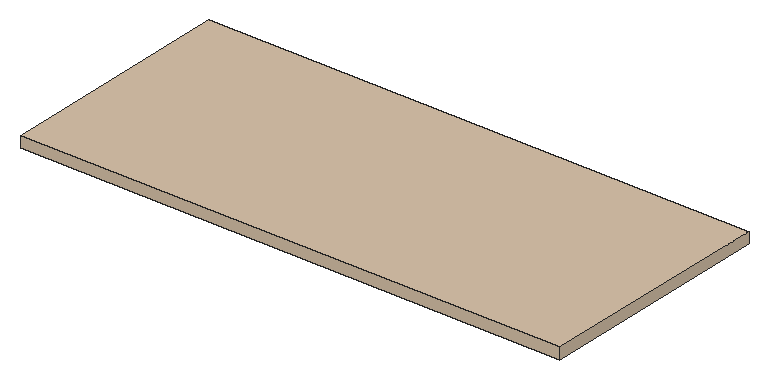
Revit family "Haworth_Cultivate_Table_TopOnly", category Furniture Systems, Revit 2018
Family settings
  Round Connector Dimension = Use Diameter
  Part Type = Normal
  Work Plane-Based = No
  Always vertical = Yes
  Cut with Voids When Loaded = No
  Shared = No
  Room Calculation Point = No
Parameters (values of type "42d 96w")
  Width = 96"
  Warranty = ""
  URL - Product = ""
  URL = "www.haworth.com"
  Table Thickness = 2"
  Table Finish = Haworth _ Laminate _ Maple H-AE
  Table Edge Finish = Haworth _ Laminate _ Maple H-AE
  Sustainability Info = ""
  Size = "Verify Final Dim. w/ Haworth"  # constant formula
  Revision Number = ""
  OmniClass Number = ""
  Min/Max Width = ""
  Min/Max Height = ""
  Min. Width = 0"
  Max. Width = 0"
  Min. Height = 0"
  Max. Height = 0"
  Material Options = ""
  Manufacturer = "Haworth"  # constant formula
  LEED Data = ""
  Depth = 42"
  Author = "SHAPE Environments, LLC"  # constant formula
  Assembly Code = ""
  Actual Width = Width  # 96"
  Actual Height = 42"
  Actual Depth = Depth  # 42"
Types (2): name | Width | Actual Width | Actual Height
  42d 96w | 96" | 96" | 42"
  Worksurface | 120" | 120" | 2"
Reference planes (in)
  plane 1 "Center F/B": y = 15
  plane 2: z = 0
  plane 3 "Center L/R": x = 0
  plane 4 "Table Front": y = 36
  plane 5 "Table Right": x = 48
  plane 6 "Table Left": x = -48
  plane 7 "Table Back": y = -6
  plane 8 "Table Top": z = 42
  plane 9 "Table Bottom": z = 40
Forms (in)
  Extrusion 1, solid, material "Haworth _ Laminate _ Maple H-AE" <- "Table Finish"
    sketch origin (0, 0, 0) x (1, 0, 0) y (0, 1, 0)
      loop
        line (-48, 36) -> (-48, -6) -> (48, -6) -> (48, 36) -> (-48, 36)
    from 40 to 42
  Extrusion 2, solid, material "Haworth _ Laminate _ Maple H-AE" <- "Table Finish", not visible
    sketch origin (0, 0, 0) x (1, 0, 0) y (0, 1, 0)
      loop
        arc (-46.5, 36) -> (-47.56066, 35.56066) -> (-48, 34.5) r 1.5
        line (-48, 34.5) -> (-48, -4.5)
        arc (-48, -4.5) -> (-47.56066, -5.56066) -> (-46.5, -6) r 1.5
        line (-46.5, -6) -> (46.5, -6)
        arc (46.5, -6) -> (47.56066, -5.56066) -> (48, -4.5) r 1.5
        line (48, -4.5) -> (48, 34.5)
        arc (48, 34.5) -> (47.56066, 35.56066) -> (46.5, 36) r 1.5
        line (46.5, 36) -> (-46.5, 36)
    from 40 to 42
Lines and regions (in)
  Masking region 1
    outline origin (0, 0, 42) x (-1, 0, 0) y (0, -1, 0)
      loop
        line (48, -36) -> (48, 6) -> (-48, 6) -> (-48, -36) -> (48, -36)
  Masking region 2, not visible
    outline origin (0, 0, 42) x (-1, 0, 0) y (0, -1, 0)
      loop
        arc (46.5, -36) -> (47.56066, -35.56066) -> (48, -34.5) r 1.5
        line (48, -34.5) -> (48, 4.5)
        arc (48, 4.5) -> (47.56066, 5.56066) -> (46.5, 6) r 1.5
        line (46.5, 6) -> (-46.5, 6)
        arc (-46.5, 6) -> (-47.56066, 5.56066) -> (-48, 4.5) r 1.5
        line (-48, 4.5) -> (-48, -34.5)
        arc (-48, -34.5) -> (-47.56066, -35.56066) -> (-46.5, -36) r 1.5
        line (-46.5, -36) -> (46.5, -36)
Dimensions and locks (in)
  "Actual Depth": plane 7 "Table Back" to plane 4 "Table Front"
  "Actual Width": plane 6 "Table Left" to plane 5 "Table Right"
  equal spacing: plane 6 "Table Left", plane 3 "Center L/R", plane 5 "Table Right"
  equal spacing: plane 4 "Table Front", plane 1 "Center F/B", plane 7 "Table Back"
  "Table Thickness": plane 8 "Table Top" to plane 9 "Table Bottom"
  "Actual Height": plane 8 "Table Top" to level
  aligned and locked: plane 6 "Table Left" to Extrusion 1 sketch curve
  aligned and locked: Extrusion 1 sketch curve to plane 4 "Table Front"
  aligned and locked: plane 7 "Table Back" to Extrusion 1 sketch curve
  aligned and locked: Extrusion 1 sketch curve to plane 5 "Table Right"
  aligned and locked: plane 8 "Table Top" to Extrusion 1
  aligned and locked: Extrusion 1 to plane 9 "Table Bottom"
  aligned and locked: plane 6 "Table Left" to Extrusion 2 sketch curve
  aligned and locked: Extrusion 2 sketch curve to plane 7 "Table Back"
  aligned and locked: plane 5 "Table Right" to Extrusion 2 sketch curve
  aligned and locked: Extrusion 2 sketch curve to plane 4 "Table Front"
  aligned and locked: plane 8 "Table Top" to Extrusion 2
  aligned and locked: Extrusion 2 to plane 9 "Table Bottom"
  aligned and locked: Masking region 1 sketch curve to plane 7 "Table Back"
  aligned and locked: Masking region 1 sketch curve to plane 5 "Table Right"
  aligned and locked: Masking region 1 sketch curve to plane 4 "Table Front"
  aligned and locked: plane 6 "Table Left" to Masking region 1 sketch curve
  aligned and locked: Masking region 2 sketch curve to Extrusion 2  (x4)
Automatic sketch dimensions
  plane 6 "Table Left" to Extrusion 2 sketch curve = 1 1/2"
  Extrusion 2 sketch curve to Extrusion 2 sketch curve = 1 1/2"
  plane 5 "Table Right" to Extrusion 2 sketch curve = 1 1/2"  (x2)
  plane 5 "Table Right" to Masking region 2 sketch curve = 1 1/2"  (x2)
  plane 6 "Table Left" to Masking region 2 sketch curve = 1 1/2"  (x2)
